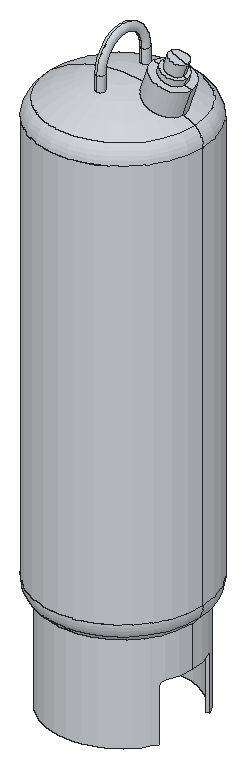
Revit family
Parameters (values of type "WX-35-L 125# W.P.")
  Weight = "69 lbs"
  Tank Volume = "10 Gal"
  Tank Only/Less Stand = 31.472"
  Tank Height/Length = 35.313"
  Tank Diameter = 10.000"
  Pipe Connector Diameter = Pipe Connection Radius * 2  # 1.250"
  Pipe Connection Radius = 0.625"
  Model = "WX-35-L"
  Maximum Acceptance Volume = "10 Gal"
  Max Operating Temp = "240 DEG F"
  Max Operating Pressure = "125 PSI"
  Manufacturer = "Amtrol"
  Lifting Ring Location = 3.500" / 2  # 1.750"
  Floor to Elbow Centerline = 1.688"
  Floor to Bottom of Tank = 3.841"
  Bladder/Diaphragm = "Bladder"
  ASME = yes
Reference planes (in)
  plane 1 "Center (Front/Back)": y = 0
  plane 2: z = 0
  plane 3 "Center (Left/Right)": x = 0
Forms (in)
  Revolve 1, solid
    sketch origin (0, 0, 0) x (1, 0, 0) y (0, 0, 1)
      loop
        line (0, 35.313) -> (0, 3.841) -> (3.19936, 3.841) -> (3.19936, 4.341) -> (2.165, 4.341) -> (2.165, 4.537) -> (3.19936, 4.537) -> (3.19936, 5.44775)
        arc (3.19936, 5.44775) -> (3.27707, 5.47994) -> (3.30927, 5.55766) r 0.10991
        arc (3.30927, 5.55766) -> (4.07072, 5.87962) -> (4.69528, 6.42127) r 2.64049
        arc (4.69528, 6.42127) -> (4.92132, 6.81207) -> (4.99984, 7.25666) r 1.298
        line (4.99984, 7.25666) -> (4.99984, 32.85698)
        arc (4.99984, 32.85698) -> (4.84865, 33.42123) -> (4.4654, 33.8621) r 1.29841
        arc (4.4654, 33.8621) -> (2.3476, 34.94118) -> (0, 35.313) r 7.597
      axis (0, 3.841) -> (0, 35.313)
    angle from 0 to 360
  Revolve 2, solid
    sketch origin (0, 0, 0) x (1, 0, 0) y (0, 0, 1)
      loop
        line (3.49813, 37.33998) -> (2.55125, 34.59006) -> (3.74301, 34.1797) -> (4.31275, 35.83436) -> (3.88468, 35.98176) -> (4.00697, 36.33693) -> (3.77711, 36.41608) -> (4.03194, 37.15618) -> (3.49813, 37.33998)
      axis (2.55125, 34.59006) -> (3.49813, 37.33998)
    angle from 0 to 360
  Revolve 3, solid
    sketch origin (0, 0, 0) x (1, 0, 0) y (0, 0, 1)
      loop
        line (-4.33638, 0) -> (-4.08638, 0) -> (-4.08638, 6.5) -> (-4.33638, 6.5) -> (-4.33638, 0)
      axis (0, 0) -> (0, 6.5)
    angle from 0 to 360
  Revolve 4, solid
    sketch origin (0, 0, 0) x (1, 0, 0) y (0, 0, 1)
      loop
        line (0.6492, 3.3675) -> (0.6492, 4.19707) -> (0, 4.19707) -> (0, 3.3675) -> (0.6492, 3.3675)
      axis (0, 3.3675) -> (0, 4.19707)
    angle from 0 to 360
  Extrusion 5, void
    sketch origin (0, 0, 0) x (0, 1, 0) y (0, 0, 1)
      loop
        line (0, 3.5) -> (-1.75, 3.5)
        arc (-1.75, 3.5) -> (-1.92678, 3.42678) -> (-2, 3.25) r 0.25
        line (-2, 3.25) -> (-2, -0.25) -> (2, -0.25) -> (2, 3.25)
        arc (2, 3.25) -> (1.92678, 3.42678) -> (1.75, 3.5) r 0.25
        line (1.75, 3.5) -> (0, 3.5)
    from 2.84574 to 12
  Sweep 6, solid
    path origin (0, 0, 0) x (1, 0, 0) y (0, 0, 1)
      loop
        line (0, 3.188) -> (0, 2.886)
        arc (0, 2.886) -> (0.35089, 2.03889) -> (1.198, 1.688) r 1.198
        line (1.198, 1.688) -> (1.5, 1.688)
    profile origin (0, 0, 3.037) x (0, -1, 0) y (1, 0, 0)
      loop
        circle (0, 0) r 0.75
  Sweep 7, solid
    path origin (0, 0, 0) x (0, 1, 0) y (0, 0, 1)
      loop
        line (1.75, 35.08602) -> (1.75, 36.00246)
        arc (1.75, 36.00246) -> (0, 37.75246) -> (-1.75, 36.00246) r 1.75
        line (-1.75, 36.00246) -> (-1.75, 35.08602)
    profile origin (0, 1.75, 35.54424) x (0, -1, 0) y (1, 0, 0)
      loop
        circle (0, 0) r 0.25
Cuts and joins
  Extrusion 5 cuts Revolve 3
  Extrusion 5 cuts Revolve 4
Dimensions and locks (in)
  "Floor to Bottom of Tank": Revolve 1 sketch curve to level
  "Tank Only/Less Stand": Revolve 1 sketch curve to Revolve 1 sketch curve
  Revolve 1 sketch curve to Revolve 1 sketch curve = 6.29859"
  Revolve 1 sketch curve to Revolve 1 sketch curve = 4.99984"
  Revolve 2 sketch curve to Revolve 1 = 1.32272"
  Revolve 2 sketch curve to Revolve 1 = 1.73308"
  Revolve 2 sketch curve to Revolve 2 sketch curve = 1.750"
  Revolve 2 sketch curve to Revolve 2 sketch curve = 2.12564"
  Revolve 2 sketch curve to Revolve 2 sketch curve = 2.90838"
  "Floor to Elbow Centerline": Sweep 6 sketch curve to cut or joined group of Revolve 3, Extrusion 5
  "Lifting Ring Location": Sweep 7 sketch curve to plane 1 "Center (Front/Back)"
  aligned and locked: import instance to plane 3 "Center (Left/Right)"
  aligned and locked: plane 1 "Center (Front/Back)" to import instance
Automatic sketch dimensions
  Revolve 1 sketch curve to plane 3 "Center (Left/Right)" = 0.000"  (x2)
  plane 3 "Center (Left/Right)" to Revolve 1 sketch curve = 2.165"
  Revolve 1 sketch curve to Revolve 1 sketch curve = 2.3255"
  Revolve 1 sketch curve to Revolve 1 sketch curve = 1.03436"
  Revolve 1 sketch curve to Revolve 1 sketch curve = 0.000"  (x4)
  Revolve 1 sketch curve to Revolve 1 sketch curve = 0.10991"
  Revolve 1 sketch curve to Revolve 1 sketch curve = 1.298"
  Revolve 1 sketch curve to Revolve 1 sketch curve = 1.29762"
  Revolve 1 sketch curve to Revolve 1 sketch curve = 0.53443"
  Revolve 1 sketch curve to Revolve 1 sketch curve = 0.30455"
  Revolve 1 sketch curve to Revolve 1 sketch curve = 0.500"
  Revolve 1 sketch curve to Revolve 1 sketch curve = 0.196"
  Revolve 1 sketch curve to Revolve 1 sketch curve = 0.91075"
  Revolve 1 sketch curve to Revolve 1 sketch curve = 6.028"
  plane 3 "Center (Left/Right)" to Revolve 2 sketch curve = 2.55125"
  Revolve 2 sketch curve to Revolve 2 sketch curve = 0.000"  (x2)
  Revolve 2 sketch curve to Revolve 2 sketch curve = 0.13243"
  Revolve 2 sketch curve to Revolve 2 sketch curve = 0.27898"
  Revolve 2 sketch curve to Revolve 2 sketch curve = 0.10757"
  Revolve 2 sketch curve to Revolve 2 sketch curve = 0.22987"
  Revolve 2 sketch curve to Revolve 2 sketch curve = 0.38461"
  Revolve 3 sketch curve to level = 0.000"  (x2)
  Revolve 3 sketch curve to plane 3 "Center (Left/Right)" = 0.000"
  Revolve 3 sketch curve to plane 3 "Center (Left/Right)" = 4.08638"
  Revolve 3 sketch curve to Revolve 3 sketch curve = 0.250"
  level to Revolve 3 sketch curve = 6.500"
  Revolve 3 sketch curve to Revolve 3 sketch curve = 2.000"
  Revolve 4 sketch curve to plane 3 "Center (Left/Right)" = 0.000"  (x2)
  plane 3 "Center (Left/Right)" to Revolve 4 sketch curve = 0.6492"
  level to Revolve 4 sketch curve = 3.3675"
  Revolve 4 sketch curve to Revolve 4 sketch curve = 0.000"
  Revolve 4 sketch curve to Revolve 4 sketch curve = 0.82957"
  Revolve 4 sketch curve to Revolve 4 sketch curve = 1.25068"
  Extrusion 5 sketch curve to plane 1 "Center (Front/Back)" = 0.000"
  plane 1 "Center (Front/Back)" to Extrusion 5 sketch curve = 1.750"
  Extrusion 5 sketch curve to Extrusion 5 sketch curve = 0.250"  (x2)
  Extrusion 5 sketch curve to plane 1 "Center (Front/Back)" = 1.750"
  Extrusion 5 sketch curve to level = 0.250"
  level to Extrusion 5 sketch curve = 3.250"
  Sweep 6 sketch curve to plane 3 "Center (Left/Right)" = 0.000"
  Sweep 6 sketch curve to Sweep 6 sketch curve = 1.198"
  Sweep 6 sketch curve to Sweep 6 sketch curve = 0.302"  (x2)
  plane 1 "Center (Front/Back)" to Sweep 6 sketch curve = 0.000"
  Sweep 6 sketch curve to profile plane = 0.000"
  plane 1 "Center (Front/Back)" to Sweep 7 sketch curve = 0.000"
  level to Sweep 7 sketch curve = 35.08602"
  Sweep 7 sketch curve to Sweep 7 sketch curve = 0.000"
  Sweep 7 sketch curve to Sweep 7 sketch curve = 0.91644"
  Sweep 7 sketch curve to plane 3 "Center (Left/Right)" = 0.000"
  Sweep 7 sketch curve to profile plane = 0.000"
  radius of Sweep 6 sketch curve = 0.750"
  radius of Sweep 7 sketch curve = 0.250"
Connectors (in)
  piping at (1.5, 0, 1.688), driven by "Pipe Connection Radius"
    settings: on Sweep 6, index 1
